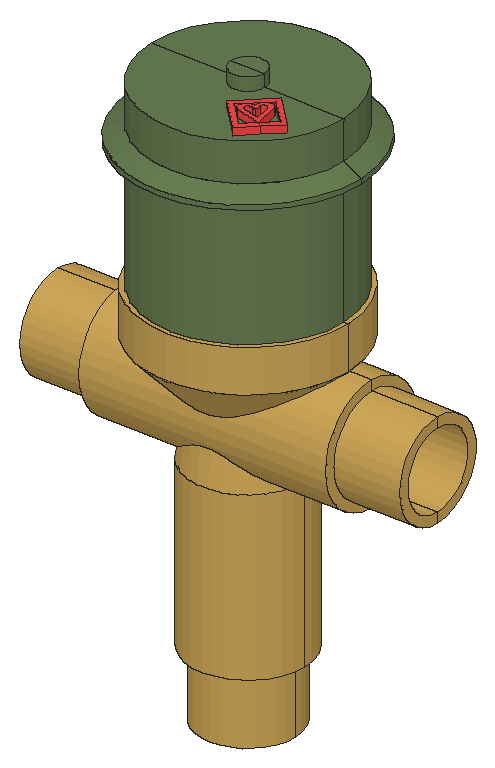
Revit family "TW Mischventil 7766 54", category Rohrzubehör, Revit 2020
Family settings
  Bemaßung runder Anschluss = Durchmesser verwenden
  Teiletyp = Unterbricht
  OmniClass-Nummer = 23.65.55.14
  OmniClass-Titel = Valves for Liquid Services
  Arbeitsebenenbasiert = Nein
  Immer vertikal = Ja
  Beim Laden mit Abzugskörper schneiden = Nein
  Gemeinsam genutzt = Nein
Parameters
  Vorgabe-Ansicht = 0 mm
  Temperaturstabilität am Ausgang = "+-2°C"  # constant formula
  Min. Übertemp. WW-MW = 15 °C  # constant formula
  Min. Durchfluss = 0.07 L/s  # constant formula
  Min. Betriebstemp. KW = "5 °C - 25 °C"  # constant formula
  Max. Betriebstemp. WW = 85 °C  # constant formula
  Max. Arbeitsdruck (dynamisch) = "0.2 - 6 bar"  # constant formula
  Warnhinweis = "• Es wird empfohlen das Ventil mindestens einmal im Jahr zu überprüfen. Bei schlechter oder unbekannter Wassergüte\r\nist die Prüfung entsprechend öfter durchzuführen.\r\n• Die Prüfung der Auslauftemperatur ist wie bei der Neuinstallation durchzuführen und darf nicht mehr als 2 °C vom\r\nErsteinstellwert abweichen.\r\n• Die Rückschlagventile sind zur Reinigung leicht zugänglich. Wir empfehlen die Verwendung einer Spitzzange um die\r\nRückschlagventile aus dem Ventilgehäuse zu ziehen. Aushebeln kann zu Beschädigungen führen.\r\n• Außer der Abnahme des Handrades und der Reinigung der Rückschlagventile ist ein weiteres Zerlegen des Ventils\r\nfür Wartungszwecke nicht vorgesehen"
  URL = "www.herz-armaturen.at"
  Temp. Einstellbereich = "35 °C - 50 °C"  # constant formula
  Spindel = "entzinkungsbeständiges Messing CW626N"  # constant formula
  Sicherheitshinweis = "Die verwendete Armatur ist eine SICHERHEITSARMATUR. Ein Austausch spätestens alle 5 Jahre wird empfohlen.\r\nNationale und regionale Normen, sowie Richtlinien sind zu beachten."
  SCTWSEQ = "AW;SBT_TYP_AW=\"104\";3"
  SCTWCODE = "04;18;03"  # constant formula
  S02 = H07 - H01 - H05  # 38.4 mm
  S01 = H00 - H01  # 61 mm
  R07 = 3.5 mm  # constant formula
  R06 = 24 mm  # constant formula
  R05 = 20.3 mm  # constant formula
  R04 = 24 mm  # constant formula
  R03 = R02 + 2 mm  # 12 mm
  R02 = Nennweite / 2  # 10 mm
  R01 = 8 mm  # constant formula
  Nennweite = 20 mm  # constant formula
  Mischtemp. (Werkseinstellung) = 45 °C  # constant formula
  Medium = "Trinkwasser"  # constant formula
  LO1 = H07 - H05  # 59.4 mm
  L02 = 21.3 mm  # constant formula
  L01 = 12 mm  # constant formula
  L00 = 40 mm  # constant formula
  Innenteil = "entzinkungsbeständiges Messing CW626N"  # constant formula
  Hinweis = "Gemäß Art 33 der REACH-Verordnung (EG Nr. 1907/2006) sind wir verpflichtet, darauf hinzuweisen, dass der Stoff Blei auf der SVHC-Liste geführt wird und dass alle aus Messing bestehenden Bauteile, die in unseren Erzeugnissen verarbeitet sind, mehr als 0,1 % (w/w) Blei (CAS: 7439-92-1 / EINECS: 231-100-4) enthalten.\r\nDa Blei als Legierungsbestandteil fest gebunden ist, sind keine Expositionen zu erwarten und daher sind keine zusätzlichen Angaben zur sicheren Verwendung notwendig."
  Hersteller = "HERZ Armaturen Ges.m.b.H."  # constant formula
  Handrad = "ABS"  # constant formula
  H08 = 8 mm  # constant formula
  H07 = 62 mm  # constant formula
  H06 = 25.4 mm  # constant formula
  H05 = 2.6 mm  # constant formula
  H04 = 35 mm  # constant formula
  H03 = 14 mm  # constant formula
  H02 = 9 mm  # constant formula
  H01 = 21 mm  # constant formula
  H00 = 82 mm  # constant formula
  Gehäuse = "entzinkungsbeständiges Messing CC770S"  # constant formula
  Funktion = "Das thermostatische Mischventil 7766 TMV wird in Anlagen mit erwärmten Trinkwasser eingesetzt.\r\nUnabhängig von Druck- oder Temperaturänderungen des im Ventil zu vermischenden Kalt- und Warmwassers, wird das gemischte Wasser konstant auf den voreingestellten Temperatur- und Durchflusswert geregelt.\r\nDas Thermostatventil arbeitet vollkommen selbstständig und ohne Hilfsenergie.\r\nDer nach der Installation einmal voreingestellte Wert der gewünschten Mischtemperatur, wird innerhalb einer regeltechnischen Hysterese konstant gehalten."
  Feder = "Edelstahl 1.4310"  # constant formula
  Durchfluss bei 3 bar = 0.7 L/s  # constant formula
  Dichtung = "EPDM"  # constant formula
  Bestellnummer = 2776654  # constant formula
  Arbeitsdruck (statisch) = 1000000.0 Pa  # constant formula
  Anschlussgewinde = "flachdichtend, G 3/4"  # constant formula
Reference planes
  plane 1 "Mitte (Vorne/hinten)": y = 0
  plane 2: z = 0
  plane 3 "Mitte (Links/rechts)": x = 0
Forms (mm)
  Revolve 1, solid, material "Kunststoff GRÜN", detail levels fine
    sketch origin (-2.352, 0, -141.797) x (1, 0, 0) y (0, 0, 1)
      loop
        line (-1.148, 201.197) -> (-17.948, 201.197) -> (-17.948, 193.197) -> (-21.648, 191.197) -> (-21.648, 190.197) -> (-17.948, 188.197) -> (-17.948, 162.797) -> (2.352, 162.797) -> (2.352, 203.797) -> (-1.148, 203.797) -> (-1.148, 201.197)
      axis (2.352, 203.797) -> (2.352, 162.797)
    angle from 0 to 360
  Revolve 2, solid, material "Messing, weicher Gelbton, geschweißt", detail levels fine
    sketch origin (101.455, 0, 0) x (1, 0, 0) y (0, 0, 1)
      loop
        line (-101.455, -49) -> (-101.455, 21) -> (-122.755, 21) -> (-122.755, 12) -> (-111.455, 0) -> (-113.455, -12) -> (-113.455, -47) -> (-111.455, -47) -> (-111.455, -61) -> (-109.455, -61) -> (-109.455, -49) -> (-101.455, -49)
      axis (-101.455, 21) -> (-101.455, -61)
    angle from 0 to 360
  Revolve 3, solid, material "Messing, weicher Gelbton, geschweißt", detail levels fine
    sketch origin (-28, 0, 0) x (1, 0, 0) y (0, 0, 1)
      loop
        line (56, 8) -> (68, 8) -> (68, 10) -> (54, 10) -> (54, 12) -> (2, 12) -> (2, 10) -> (-12, 10) -> (-12, 8) -> (0, 8) -> (0, 0) -> (56, 0) -> (56, 8)
      axis (-12, 0) -> (68, 0)
    angle from 0 to 360
Lines and regions (mm)
  model lines, detail levels coarse+medium
    curve 1: line (-40, 0, 10) -> (-40, 0, -10)
    curve 2: line (-40, 0, -10) -> (40, 0, 10)
    curve 3: line (40, 0, 10) -> (40, 0, -10)
    curve 4: line (40, 0, -10) -> (-40, 0, 10)
    curve 5: line (0, 0, 0) -> (10, 0, -61)
    curve 6: line (10, 0, -61) -> (-10, 0, -61)
    curve 7: line (-10, 0, -61) -> (0, 0, 0)
    curve 8: line (0, 0, 0) -> (0, 0, 21)
    curve 9: line (-20.3, 0, 21) -> (20.3, 0, 21)
    curve 10: line (20.3, 0, 21) -> (20.3, 0, 59.4)
    curve 11: line (20.3, 0, 59.4) -> (-20.3, 0, 59.4)
    curve 12: line (-20.3, 0, 59.4) -> (-20.3, 0, 21)
    curve 13: line (20.3, 0, 59.4) -> (-20.3, 0, 21)
    curve 14: line (-20.3, 0, 59.4) -> (20.3, 0, 21)
    curve 15: line (-40, 10, 0) -> (-40, -10, 0)
    curve 16: line (-40, -10, 0) -> (40, 10, 0)
    curve 17: line (40, 10, 0) -> (40, -10, 0)
    curve 18: line (40, -10, 0) -> (-40, 10, 0)
    curve 19: line (0, 0, 0) -> (-10, -61, 0)
    curve 20: line (-10, -61, 0) -> (10, -61, 0)
    curve 21: line (10, -61, 0) -> (0, 0, 0)
    curve 22: line (0, 0, 0) -> (0, 21, 0)
    curve 23: line (-20.3, 21, 0) -> (20.3, 21, 0)
    curve 24: line (20.3, 21, 0) -> (20.3, 59.4, 0)
    curve 25: line (20.3, 59.4, 0) -> (-20.3, 59.4, 0)
    curve 26: line (-20.3, 59.4, 0) -> (-20.3, 21, 0)
    curve 27: line (20.3, 59.4, 0) -> (-20.3, 21, 0)
    curve 28: line (-20.3, 59.4, 0) -> (20.3, 21, 0)
Dimensions and locks
  "L00": Revolve 3 sketch curve to plane 3 "Mitte (Links/rechts)" to Revolve 3 sketch curve
  "L01": Revolve 3 sketch curve to Revolve 3 sketch curve  (x2)
  "R01": Revolve 3 sketch curve to Revolve 3 sketch curve  (x2)
  "R02": Revolve 3 sketch curve to Revolve 3 sketch curve
  "L02": Revolve 2 sketch curve to Revolve 2 sketch curve
  "H02": Revolve 2 sketch curve to Revolve 2 sketch curve
  "R02": Revolve 2 sketch curve to Revolve 2 sketch curve  (x2)
  "H01": Revolve 2 sketch curve to plane 2
  "H00": Revolve 2 sketch curve to Revolve 2 sketch curve
  "H03": Revolve 2 sketch curve to Revolve 2 sketch curve
  "R03": Revolve 2 sketch curve to Revolve 2 sketch curve
  "H04": Revolve 2 sketch curve to Revolve 2 sketch curve
  "R01": Revolve 2 sketch curve to Revolve 2 sketch curve
  "L01": Revolve 2 sketch curve to Revolve 2 sketch curve
  "H03": Revolve 3 sketch curve to Revolve 3 sketch curve  (x2)
  "R03": Revolve 3 sketch curve to Revolve 3 sketch curve
  "R05": Revolve 1 sketch curve to Revolve 1 sketch curve  (x2)
  "H07": Revolve 1 sketch curve to plane 2
  "H05": Revolve 1 sketch curve to Revolve 1 sketch curve
  "H06": Revolve 1 sketch curve to Revolve 1 sketch curve
  "H08": Revolve 1 sketch curve to Revolve 1 sketch curve
  "R06": Revolve 1 sketch curve to Revolve 1 sketch curve
  "R07": Revolve 1 sketch curve to Revolve 1 sketch curve
  "R02": curve 4 to plane 2 to curve 2
  "R02": curve 3 to plane 2 to curve 4
  "L00": curve 1 to plane 3 "Mitte (Links/rechts)" to curve 3
  "R02": curve 6 to plane 3 "Mitte (Links/rechts)" to curve 7
  "S01": plane 2 to curve 6
  "H01": curve 8 to plane 2
  "S02": curve 11 to Revolve 1
  "R05": curve 12 to plane 3 "Mitte (Links/rechts)" to curve 10
  "L00": curve 15 to plane 3 "Mitte (Links/rechts)" to curve 17
  "R02": curve 16 to plane 1 "Mitte (Vorne/hinten)" to curve 18
  "R02": curve 18 to plane 1 "Mitte (Vorne/hinten)" to curve 17
  "R02": curve 20 to plane 3 "Mitte (Links/rechts)" to curve 21
  "S01": curve 20 to plane 1 "Mitte (Vorne/hinten)"
  "H01": plane 1 "Mitte (Vorne/hinten)" to curve 22
  "S02": curve 23 to curve 25
  "R05": curve 26 to plane 3 "Mitte (Links/rechts)" to curve 24
  "LO1": nested 1 to plane 2
  aligned and locked: level to plane 2
Automatic sketch dimensions
  curve 5 to level = 0 mm
  curve 8 to level = 0 mm
  plane 1 "Mitte (Vorne/hinten)" to curve 19 = 0 mm
  plane 1 "Mitte (Vorne/hinten)" to curve 22 = 0 mm
  Revolve 1 sketch curve to plane 3 "Mitte (Links/rechts)" = 0 mm  (x2)
  Revolve 1 sketch curve to Revolve 1 sketch curve = 2 mm  (x2)
  Revolve 1 sketch curve to Revolve 1 sketch curve = 1 mm
  Revolve 1 sketch curve to level = 366.045 mm
  Revolve 1 sketch curve to Revolve 1 sketch curve = 2152.315 mm
  Revolve 2 sketch curve to level = 0 mm
  Revolve 2 sketch curve to plane 3 "Mitte (Links/rechts)" = 0 mm  (x2)
  Revolve 2 sketch curve to Revolve 2 sketch curve = 0 mm
  Revolve 2 sketch curve to Revolve 2 sketch curve = 2193.315 mm
  Revolve 3 sketch curve to level = 0 mm  (x2)
  Revolve 3 sketch curve to Revolve 3 sketch curve = 2 mm
  Revolve 3 sketch curve to Revolve 3 sketch curve = 0 mm  (x2)
Nested families
  nested 1: "Herz-Logo" at (9.58, -9.58, 59.4) x (0.7071, 0.7071, 0) z (0, 0, 1), type "Herz-Logo", detail levels fine
Connectors
  piping at (-40, 0, 0), diameter 20, driven by "Nennweite"
    settings: on Revolve 3, index 1, connector inside diameter 609.6 mm, connector length 0 mm, flow factor 0, pipe flow 0.0 L/s, pressure drop 0.0 Pa, fitting loss kfactor 0, connector angle 0.00°, fixture units 0, engagement length 0 mm, angle of deflection 0.00°, flow configuration 0, flow direction 1, fitting loss method 0, system type 20, joint type 0, gender type 0, connector reference index -1, connector utility 0, adjustable connector no, is connector primary yes, connector description ""
  piping at (40, 0, 0), diameter 20, driven by "Nennweite"
    settings: on Revolve 3, index 2, connector inside diameter 609.6 mm, connector length 0 mm, flow factor 0, pipe flow 0.0 L/s, pressure drop 0.0 Pa, fitting loss kfactor 0, connector angle 0.00°, fixture units 0, engagement length 0 mm, angle of deflection 0.00°, flow configuration 0, flow direction 1, fitting loss method 0, system type 19, joint type 0, gender type 0, connector reference index -1, connector utility 0, adjustable connector no, is connector primary no, connector description ""
  piping at (0, 0, -61), diameter 20, driven by "Nennweite"
    settings: on Revolve 2, index 3, connector inside diameter 609.6 mm, connector length 0 mm, flow factor 0, pipe flow 0.0 L/s, pressure drop 0.0 Pa, fitting loss kfactor 0, connector angle 0.00°, fixture units 0, engagement length 0 mm, angle of deflection 0.00°, flow configuration 0, flow direction 2, fitting loss method 0, system type 29, joint type 0, gender type 0, connector reference index -1, connector utility 0, adjustable connector no, is connector primary no, connector description ""
Definition of nested family "Herz-Logo"
  Parameters (values of type "Herz-Logo")
    Default Elevation = 0 mm
  Reference planes
    plane 1 "Mitte (Vorne/hinten)": y = 0
    plane 2: z = 0
    plane 3 "Mitte (Links/rechts)": x = 0
  Forms (mm)
    Extrusion 1, solid
      sketch origin (0, 0, 0) x (1, 0, 0) y (0, 1, 0)
        loop
          line (-0.018, -4.517) -> (4.482, -4.517) -> (4.482, 4.483) -> (-4.518, 4.483) -> (-4.518, -4.517) -> (-0.018, -4.517)
        loop
          line (-0.05, -3.48) -> (3.482, -3.48) -> (3.482, 3.483) -> (-3.518, 3.483) -> (-3.518, -3.48) -> (-0.05, -3.48)
        loop
          arc (-0.018, 2.383) -> (-1.543, 3.287) -> (-3.067, 2.383) r 1.738
          arc (-3.067, 2.383) -> (-3.191, 1.899) -> (-3.067, 1.415) r 1.009
          line (-3.067, 1.415) -> (-0.018, -3.281) -> (3.032, 1.415)
          arc (3.032, 1.415) -> (3.156, 1.899) -> (3.032, 2.383) r 1.009
          arc (3.032, 2.383) -> (1.507, 3.287) -> (-0.018, 2.383) r 1.738
        loop
          arc (1.885, 1.272) -> (2.005, 1.675) -> (1.885, 2.079) r 0.74
          arc (1.885, 2.079) -> (1.265, 2.416) -> (0.644, 2.079) r 0.74
          line (0.644, 2.079) -> (-0.018, 0.97) -> (-0.679, 2.079)
          arc (-0.679, 2.079) -> (-1.3, 2.416) -> (-1.921, 2.079) r 0.74
          arc (-1.921, 2.079) -> (-2.04, 1.675) -> (-1.921, 1.272) r 0.74
          line (-1.921, 1.272) -> (-0.018, -1.658) -> (1.885, 1.272)
      from 0 to 1.5
  Dimensions and locks
    aligned and locked: level to plane 2
